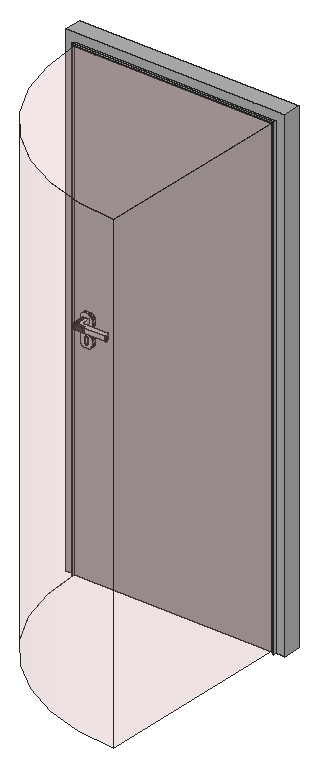
Revit family "ASSA ABLOY - ALPE PLUS SLIM, single-leaf, hidden frame, HIDDEN HINGES", category Doors, host Wall, Revit 2021
Family settings
  Host = Wall
  OmniClass Number = 23.30.10.00
  OmniClass Title = Doors
  Always vertical = Yes
  Cut with Voids When Loaded = No
  Shared = No
  Room Calculation Point = No
Parameters (values of type "800 x 2100 (802 x 2108)")
  URL = "https://www.assaabloy.com/pl/pl"
  Type Comments = "Door leaf made of two pressed galvanised steel sheets 1,25mm thick, reinforced with steel profile. Filled with mineral wool glued to the sheets with polyurethane adhesive. Non-rebated door."
  Symbol Radius = Door Leaf Width + 0.500 mm  # 882.500 mm
  Rough Width Real = Width Round + Rough Width Conversion + Rough Width Adjustment  # 998.000 mm
  Rough Width Conversion = 198.000 mm  # constant formula
  Rough Width Adjustment = 0.000 mm  # constant formula
  Rough Height Real = Height Round + Rough Height Conversion + Rough Height Adjustment  # 2182.000 mm
  Rough Height Conversion = 82.000 mm  # constant formula
  Rough Height Adjustment = 0.000 mm  # constant formula
  Recess Value [instance] = 12.000 mm
  Opening Zone [instance] = yes
  Model = "Doorset_Steel non-rebated door with concealed frame and hinges/ Wireless access control_ASSA ABLOY Opening Solutions_Hardware 3D"
  Handle Height = if(Height < 1300.000 mm, Height - 280.000 mm, 1055.000 mm)  # 1055.000 mm
  HW Item 8 = "1x Incedo: Access Control Set, incl. HUB AHxx_ASSA ABLOY (option)"
  Frame Finish [instance] = ""
  Fire Rating NFR (0) = [Fire Rating - Set Value (0-2)] = 0  # yes
  Fire Rating EI60 (2) = [Fire Rating - Set Value (0-2)] = 2  # no
  Fire Rating EI30 (1) = [Fire Rating - Set Value (0-2)] = 1  # no
  Fire Rating - Set Value (0-2) = 0
  Fire Rating = if([Fire Rating NFR (0)], "NFR", if([Fire Rating EI30 (1)], "EI30", if([Fire Rating EI60 (2)], "EI60", "0")))  # "NFR"
  Width Round = roundup((Width / 5.000 mm)) * 5.000 mm  # 800.000 mm
  Thickness = 60.000 mm  # constant formula
  Smoke Rating = "Sa, S200 (optional)"
  Rough Width = Width Round + 2.000 mm + Rough Width Conversion + Rough Width Adjustment  # 1000.000 mm
  Rough Height = Height Round + 8.000 mm + Rough Height Conversion + Rough Height Adjustment  # 2190.000 mm
  Readme = "The actual lintel height is consistent with the Rough Height parameter.\nThe final HW Set should be consistent with the function of the door and its  parameters.\nHardware mounted on door surface may affect the clear passage opening. For verification, please contact the specification department."
  Provider = "ASSA ABLOY Opening Solutions"
  Product Group = "Single-Steel-Non rebated-Access Control"
  Name = "Steel non-rebated door with concealed frame and hinges/ Wireless access control"
  Min Door Width = 520.000 mm
  Min Door Height = 1640.000 mm
  Mechanical Strength = 4
  Max Door Width = 1160.000 mm
  Max Door Height = 2400.000 mm
  Manufacturer = "ASSA ABLOY"  # constant formula
  IfcExportType = "USERDEFINED"
  IfcExportAs = "IfcDoorType"
  Height Round = roundup((Height / 5.000 mm)) * 5.000 mm  # 2100.000 mm
  Hardware Set = "1.21PL"
  HW Item 7 = "1x 206253: Vercy door stopper, max 120 kg_ASSA ABLOY (option) "
  HW Item 6 = "1x SK6 Radius: euro profile cylinder_IKON"
  HW Item 5 = "1x AP-AH100-121: rosette PZPZ_ASSA ABLOY"
  HW Item 4 = "1x H100: WIRELESS, built-in RFID reader and Bluetooth module integrated with handle_ASSA ABLOY"
  HW Item 3 = "1x EL160: mechanical mortice lockcase with automatic dead locking system_ABLOY"
  HW Item 2 = "1x DC892: concealed door closer guide rail_ASSA ABLOY"
  HW Item 1 = "1x DC860/ DC840: concealed door closer, Cam-Motion®_ASSA ABLOY"
  Function = Interior
  Height = 2100.000 mm
  Wall Closure = By host
  Width = 800.000 mm
  Frame Type = "Welded steel concealed SLIM frame, made of galvanised sheet 1,8mm thick."
  Frame Material = Default steel
  Family name = "1.21_DOORSET_ALPE PLUS Sp 60-1 SLIM_SINGLE-LEAF_CONCEALED FRAME_ASSA ABLOY PL"
  Environmental Product Declaration (EPD) = "To be confirmed with Provider"  # constant formula
  Environmental Management System = "To be confirmed with Provider"  # constant formula
  Edition number = "1"
  Door Type = "ALPE PLUS Sp 60-1 SLIM"
  Door Material = Default steel
  Door Leaf Width = Width Round + 82.000 mm + Rough Width Adjustment  # 882.000 mm
  Door Finish Push Side [instance] = ""
  Door Finish Pull Side [instance] = ""
  Description = "ALPE PLUS Sp 60-1 SLIM, door leaf made of two pressed galvanised steel sheets 1,25mm thick, reinforced with steel profile. Filled with mineral wool glued to the sheets with polyurethane adhesive. Non-rebated door. Stainless steel concealed hinges TECTUS TE541 3D FVZ with 3D regulation. Mechanical durability – class C3 according to PN-EN 16034:2014. Mechanical strength – class 4 according to PN-EN 1192:2001. Welded steel concealed SLIM frame, made of galvanised sheet 1,8mm thick."
  Date of publishing = ""
  Contact Provider = "https://www.assaabloy.com/pl/pl/solutions/topics/bim-specification/contact"
  Brand = "ASSA ABLOY Mercor Doors Sp. z o. o."  # constant formula
  Author = "www.archispace.pl"
Reference planes
  plane 1: y = 0
  plane 2 "Center (Left/Right)": x = 0
  plane 3: z = 2190
  plane 4 "Exterior": y = 53
  plane 5 "Interior": y = -53
  plane 6: x = -499
  plane 7: x = 499
  plane 8: z = 2100
  plane 9: x = -440
  plane 10: x = 442
  plane 11: z = 2125
  plane 12: z = 8
  plane 13: x = 442.5
  plane 14: x = -500
  plane 15: x = 500
  plane 16: x = -417.6
  plane 17: x = 417
  plane 18: z = 2182
  plane 19: y = -41
  plane 20: x = -452
  plane 21: x = -423
  plane 22: x = 452
  plane 23: x = 423
  plane 24: z = 2135
  plane 25: z = 2106
  plane 26: y = 39
  plane 27: y = -39
  plane 28: y = -53.5
  plane 29: y = 12
  plane 30: y = 23.5
  plane 31: y = 53.5
  plane 32: y = -52
  plane 33: y = 41
  plane 34: x = -375
  plane 35: z = 1055
Forms (mm)
  Sweep 1, solid, material "Default steel" <- "Frame Material"
    path origin (-489, -41, 1200) x (1, 0, 0) y (0, 0, 1)
      loop
        line (-10, -1200) -> (-10, 982) -> (988, 982) -> (988, -1200)
    profile origin (-499, -41, 1091) x (-1, 0, 0) y (0, -1, 0)
      loop
        line (-10, -80) -> (-10, -2) -> (-47.5, -2) -> (-47.5, 12.5) -> (-52, 12.5) -> (-52, -53) -> (-61.5, -53) -> (-61.5, -64.5) -> (-76.5, -64.5) -> (-76.5, -53) -> (-81.4, -53) -> (-81.4, -94.5) -> (-76.9, -94.5) -> (-76.9, -80) -> (-10, -80)
  Sweep 2, solid, material "Default steel" <- "Door Material"
    path origin (-489, -41, 1200) x (1, 0, 0) y (0, 0, 1)
      loop
        line (489, -1192) -> (489, 925)
    profile origin (0, -41, 1066.5) x (-1, 0, 0) y (0, -1, 0)
      loop
        line (440, -49.5) -> (440, 12.5) -> (-442, 12.5) -> (-442, -49.5) -> (440, -49.5)
  Sweep 3, solid, material "Opening zone", visible <- "Opening Zone"
    path origin (-5000, 0, 0) x (-1, 0, 0) y (0, 0, 1)
      loop
        line (-5000, 8) -> (-5000, 2125)
    profile origin (0, 0, 1066.5) x (1, 0, 0) y (0, 1, 0)
      loop
        line (442.5, -52) -> (-440, -52)
        arc (-440, -52) -> (-181.522, -676.022) -> (442.5, -934.5) r 882.5
        line (442.5, -934.5) -> (442.5, -52)
  Sweep 4, solid, material "Default steel" <- "Door Material"
    path origin (-489, -41, 1200) x (1, 0, 0) y (0, 0, 1)
      loop
        line (49, -1192) -> (49, 925) -> (931, 925) -> (931, -1192)
    profile origin (1, -41, 2125) x (0, 0, 1) y (0, -1, 0)
      loop
        line (-4, -8.25) -> (-14, -8.25) -> (-14, -28.75) -> (-4, -28.75) -> (-4, -8.25)
  Sweep 5, void
    path origin (-489, -41, 1200) x (1, 0, 0) y (0, 0, 1)
      loop
        line (49, -1192) -> (49, 925) -> (931, 925) -> (931, -1192)
    profile origin (1, -41, 2125) x (0, 0, 1) y (0, -1, 0)
      loop
        line (0, -8.25) -> (-14, -8.25) -> (-14, -28.75) -> (0, -28.75) -> (0, -8.25)
  Sweep 6, void
    path origin (-489, -41, 1200) x (1, 0, 0) y (0, 0, 1)
      loop
        line (489, -1200) -> (489, 990)
    profile origin (0, -41, 1095) x (-1, 0, 0) y (0, -1, 0)
      loop
        line (500, -82) -> (500, 0) -> (-500, 0) -> (-500, -82) -> (500, -82)
  Sweep 7, void
    path origin (-489, -30, 1200) x (1, 0, 0) y (0, 0, 1)
      loop
        line (489, -1200) -> (489, 906)
    profile origin (0, -30, 1053) x (-1, 0, 0) y (0, -1, 0)
      loop
        line (423, -83) -> (423, -71) -> (-423, -71) -> (-423, -83) -> (423, -83)
  Sweep 8, void
    path origin (-489, -50, 1200) x (1, 0, 0) y (0, 0, 1)
      loop
        line (489, -1200) -> (489, 935)
    profile origin (0, -50, 1067.5) x (-1, 0, 0) y (0, -1, 0)
      loop
        line (452, -9) -> (452, 3) -> (-452, 3) -> (-452, -9) -> (452, -9)
Cuts and joins
  Sweep 5 cuts Sweep 2
Lines and regions (mm)
  Masking region 1, detail levels fine
    outline origin (-1177.682, -302.4, 2052) x (-1, 0, 0) y (0, -1, 0)
      loop
        line (-688.682, -341.4) -> (-688.682, -263.4) -> (-726.182, -263.4) -> (-726.182, -248.9) -> (-730.682, -248.9) -> (-730.682, -314.4) -> (-740.182, -314.4) -> (-740.182, -325.9) -> (-755.182, -325.9) -> (-755.182, -314.4) -> (-760.082, -314.4) -> (-760.082, -355.9) -> (-755.582, -355.9) -> (-755.582, -341.4) -> (-688.682, -341.4)
      loop
        line (-1666.682, -341.4) -> (-1599.782, -341.4) -> (-1599.782, -355.9) -> (-1595.282, -355.9) -> (-1595.282, -314.4) -> (-1600.182, -314.4) -> (-1600.182, -325.9) -> (-1615.182, -325.9) -> (-1615.182, -314.4) -> (-1624.682, -314.4) -> (-1624.682, -248.9) -> (-1629.182, -248.9) -> (-1629.182, -263.4) -> (-1666.682, -263.4) -> (-1666.682, -341.4)
  Masking region 2, detail levels medium
    outline origin (-1132.682, -300, 2052) x (-1, 0, 0) y (0, -1, 0)
      loop
        line (-643.682, -339) -> (-643.682, -261) -> (-681.182, -261) -> (-681.182, -246.5) -> (-715.082, -246.5) -> (-715.082, -353.5) -> (-710.582, -353.5) -> (-710.582, -339) -> (-643.682, -339)
      loop
        line (-1621.682, -339) -> (-1554.782, -339) -> (-1554.782, -353.5) -> (-1550.282, -353.5) -> (-1550.282, -246.5) -> (-1584.182, -246.5) -> (-1584.182, -261) -> (-1621.682, -261) -> (-1621.682, -339)
  symbolic lines, style "Elevation Swing"
    curve 1: line (-417.6, -53, 1095) -> (417, -53, 2100)
    curve 2: line (-417.6, -53, 1095) -> (417, -53, 8)
Text (mm)
  text "Exterior" at (-1376.75, 1099.543, 0), in view "Ref. Level"
  text "Exterior" at (0, 1615.38, 3698.081), in view "Left"
  text "Exterior" at (0, 1036.032, 3874.932), in view "Right"
Dimensions and locks
  "Rough Height": plane 3 to host wall
  equal spacing: host wall, curve 2, plane 3
  host wall to plane 3 = 2190.000 mm
  locked: plane 4 "Exterior" to host wall
  locked: plane 5 "Interior" to host wall
  equal spacing: plane 6, plane 2 "Center (Left/Right)", plane 7
  "Rough Width Real": plane 6 to plane 7
  "Height": plane 8 to level
  locked: plane 10 to plane 7 at 57
  locked: plane 12 to level at 8
  equal spacing: plane 15, plane 2 "Center (Left/Right)", plane 14
  "Rough Width": plane 15 to plane 14
  locked: plane 6 to plane 9 at 59
  locked: plane 6 to plane 16 at 81.4
  locked: plane 17 to plane 7 at 82
  "Rough Height Real": plane 18 to level
  plane 18 to plane 11 = 57.000 mm
  locked: plane 13 to plane 7 at 56.5
  "Recess Value": plane 5 "Interior" to plane 19
  locked: plane 11 to Sweep 5 sketch curve at 14
  locked: plane 6 to plane 20 at 47
  locked: plane 6 to plane 21 at 76
  locked: plane 22 to plane 7 at 47
  locked: plane 23 to plane 7 at 76
  locked: plane 18 to plane 24 at 47
  locked: plane 18 to plane 25 at 76
  locked: plane 26 to plane 27 at 78
  locked: plane 6 to Masking region 1 sketch curve at 10
  locked: plane 6 to Masking region 1 sketch curve at 47.5
  locked: plane 6 to Masking region 1 sketch curve at 52
  locked: plane 6 to Masking region 1 sketch curve at 61.5
  locked: plane 6 to Masking region 1 sketch curve at 76.5
  locked: plane 6 to Masking region 1 sketch curve at 81.4
  locked: plane 6 to Masking region 1 sketch curve at 76.9
  locked: Masking region 1 sketch curve to plane 7 at 10
  locked: Masking region 1 sketch curve to plane 7 at 47.5
  locked: Masking region 1 sketch curve to plane 7 at 52
  locked: Masking region 1 sketch curve to plane 7 at 61.5
  locked: Masking region 1 sketch curve to plane 7 at 76.5
  locked: Masking region 1 sketch curve to plane 7 at 81.4
  locked: Masking region 1 sketch curve to plane 7 at 76.9
  locked: plane 6 to Masking region 2 sketch curve at 10
  locked: plane 6 to Masking region 2 sketch curve at 47.5
  locked: plane 6 to Masking region 2 sketch curve at 76.9
  locked: plane 6 to Masking region 2 sketch curve at 81.4
  locked: Masking region 2 sketch curve to plane 7 at 10
  locked: Masking region 2 sketch curve to plane 7 at 47.5
  locked: Masking region 2 sketch curve to plane 7 at 81.4
  locked: Masking region 2 sketch curve to plane 7 at 76.9
  locked: plane 6 to Sweep 1 sketch curve at 10
  locked: plane 6 to Sweep 1 sketch curve at 47.5
  locked: plane 6 to Sweep 1 sketch curve at 52
  locked: plane 6 to Sweep 1 sketch curve at 61.5
  locked: plane 6 to Sweep 1 sketch curve at 76.5
  locked: plane 6 to Sweep 1 sketch curve at 81.4
  locked: plane 6 to Sweep 1 sketch curve at 76.9
  locked: plane 32 to plane 19 at 11
  locked: plane 26 to plane 31 at 14.5
  locked: plane 27 to plane 28 at 14.5
  locked: plane 30 to plane 29 at 11.5
  locked: plane 26 to plane 33 at 2
  locked: plane 27 to plane 19 at 2
  locked: plane 29 to plane 27 at 51
  locked: plane 9 to plane 34 at 65
  "Handle Height": plane 35 to level
  "Symbol Radius": radius of Sweep 3 sketch curve
  aligned and locked: plane 1 to host wall
  aligned and locked: level to Sweep 1 sketch curve  (x2)
  aligned and locked: Sweep 1 sketch curve to plane 6
  aligned and locked: plane 7 to Sweep 1 sketch curve
  aligned and locked: plane 2 "Center (Left/Right)" to Sweep 2 sketch curve
  aligned and locked: nested 1 to plane 2 "Center (Left/Right)"
  aligned and locked: plane 2 "Center (Left/Right)" to Sweep 3 sketch curve
  aligned and locked: plane 11 to Sweep 2 sketch curve
  aligned and locked: plane 10 to Sweep 2 sketch curve
  aligned and locked: plane 9 to Sweep 2 sketch curve
  aligned and locked: Sweep 3 sketch curve to plane 13
  aligned and locked: Sweep 1 sketch curve to plane 18
  aligned and locked: plane 12 to Sweep 2 sketch curve
  aligned and locked: plane 19 to nested 1
  aligned and locked: Sweep 4 sketch curve to plane 11
  aligned and locked: Sweep 4 sketch curve to plane 9
  aligned and locked: plane 10 to Sweep 4 sketch curve
  aligned and locked: plane 12 to Sweep 4 sketch curve  (x2)
  aligned and locked: Sweep 5 sketch curve to plane 11
  aligned and locked: plane 3 to Sweep 6 sketch curve
  aligned and locked: level to Sweep 6 sketch curve
  aligned and locked: plane 2 "Center (Left/Right)" to Sweep 6 sketch curve
  aligned and locked: plane 14 to Sweep 6 sketch curve
  aligned and locked: Sweep 6 sketch curve to plane 19
  aligned and locked: Sweep 6 sketch curve to plane 15
  aligned and locked: Masking region 1 sketch curve to plane 26
  aligned and locked: plane 31 to Masking region 1 sketch curve
  aligned and locked: plane 30 to Masking region 1 sketch curve
  aligned and locked: Masking region 1 sketch curve to plane 29  (x2)
  aligned and locked: plane 28 to Masking region 1 sketch curve
  aligned and locked: Masking region 1 sketch curve to plane 27
  aligned and locked: Masking region 1 sketch curve to plane 31
  aligned and locked: plane 26 to Masking region 1 sketch curve
  aligned and locked: Masking region 1 sketch curve to plane 30
  aligned and locked: plane 29 to Masking region 1 sketch curve  (x2)
  aligned and locked: plane 27 to Masking region 1 sketch curve
  aligned and locked: Masking region 1 sketch curve to plane 28
  aligned and locked: level to Sweep 7 sketch curve
  aligned and locked: plane 25 to Sweep 7 sketch curve
  aligned and locked: plane 4 "Exterior" to Sweep 7 sketch curve
  aligned and locked: plane 21 to Sweep 7 sketch curve
  aligned and locked: plane 23 to Sweep 7 sketch curve
  aligned and locked: level to Sweep 8 sketch curve
  aligned and locked: plane 2 "Center (Left/Right)" to Sweep 8 sketch curve
  aligned and locked: plane 24 to Sweep 8 sketch curve
  aligned and locked: Sweep 8 sketch curve to plane 5 "Interior"
  aligned and locked: plane 19 to Sweep 8 sketch curve
  aligned and locked: Sweep 8 sketch curve to plane 20
  aligned and locked: Sweep 8 sketch curve to plane 22
  aligned and locked: plane 31 to Masking region 2 sketch curve
  aligned and locked: Masking region 2 sketch curve to plane 26
  aligned and locked: Masking region 2 sketch curve to plane 27
  aligned and locked: plane 28 to Masking region 2 sketch curve
  aligned and locked: Masking region 2 sketch curve to plane 31
  aligned and locked: plane 26 to Masking region 2 sketch curve
  aligned and locked: Masking region 2 sketch curve to plane 28
  aligned and locked: plane 27 to Masking region 2 sketch curve
  aligned and locked: Sweep 1 sketch curve to plane 27
  aligned and locked: plane 28 to Sweep 1 sketch curve
  aligned and locked: Sweep 1 sketch curve to plane 29  (x2)
  aligned and locked: plane 30 to Sweep 1 sketch curve
  aligned and locked: Sweep 1 sketch curve to plane 26
  aligned and locked: plane 31 to Sweep 1 sketch curve
  aligned and locked: plane 32 to Sweep 3 sketch curve
  aligned and locked: Sweep 6 sketch curve to plane 33
  aligned and locked: plane 33 to Sweep 7 sketch curve
  aligned and locked: plane 11 to Sweep 3 sketch curve
  aligned and locked: plane 12 to Sweep 3 sketch curve
  aligned and locked: plane 12 to curve 2
  aligned and locked: plane 17 to curve 2
  aligned and locked: plane 16 to curve 2
  aligned and locked: plane 17 to curve 1
  aligned and locked: plane 8 to curve 1
  aligned and locked: nested 2 to plane 34
  aligned and locked: nested 2 to plane 28
  aligned and locked: plane 35 to nested 2
Automatic sketch dimensions
  Sweep 5 sketch curve to plane 9 = 0.000 mm
  plane 10 to Sweep 5 sketch curve = 0.000 mm
  Sweep 5 sketch curve to plane 12 = 0.000 mm  (x2)
  Sweep 5 sketch curve to plane 11 = 0.000 mm
  Sweep 5 sketch curve to plane 19 = 28.750 mm
  Sweep 5 sketch curve to plane 19 = 8.250 mm
  Sweep 7 sketch curve to plane 2 "Center (Left/Right)" = 0.000 mm
  Sweep 2 sketch curve to profile plane = 49.500 mm
  profile plane to Sweep 2 sketch curve = 12.500 mm
  profile plane to Sweep 4 sketch curve = 14.000 mm
  profile plane to Sweep 4 sketch curve = 4.000 mm
  Sweep 4 sketch curve to plane 19 = 28.750 mm
  Sweep 4 sketch curve to plane 19 = 8.250 mm
Nested families
  nested 1: "Detail_Door symbol" at (0, -41, 2052), type "Detail_Door symbol"
  nested 2: "Handle set_H100" at (-375, -53.5, 1055) x (-1, 0, 0) z (0, 0, 1), type "Handle set_H100", detail levels fine
    with Thickness 62.000 mm
Definition of nested family "Handle set_H100"
  Parameters (values of type "Handle set_H100")
    Thickness = 80.000 mm
    Default Elevation = 0.000 mm
  Reference planes
    plane 1 "Center (Front/Back)": y = 0
    plane 2: z = 0
    plane 3 "Center (Left/Right)": x = 0
    plane 4: z = 0
    plane 5: y = 80
    plane 6: y = -13.3
    plane 7: y = 93.8
    plane 8: x = -133
    plane 9: y = -73.3
    plane 10: y = 153.8
    plane 11: y = 0.7
    plane 12: y = 79.4
    plane 13: z = -80
  Forms (mm)
    Sweep 1, solid
      path origin (0, 0, 0) x (1, 0, 0) y (0, 1, 0)
        loop
          line (0, 0) -> (0, -13.3)
      profile origin (0, -6.65, 0) x (1, 0, 0) y (0, 0, 1)
        loop
          line (27.466, -6.586) -> (27.466, 6.03) -> (27.417, 7.196) -> (27.323, 8.427) -> (27.185, 9.654) -> (27.001, 10.875) -> (26.767, 12.088) -> (26.479, 13.289) -> (26.132, 14.473) -> (25.722, 15.637) -> (25.246, 16.775) -> (24.701, 17.883) -> (24.084, 18.952)
          arc (24.084, 18.952) -> (21.397, 22.334) -> (17.862, 24.815) r 15.078
          line (17.862, 24.815) -> (16.76, 25.372) -> (15.626, 25.859) -> (14.466, 26.28) -> (13.285, 26.639) -> (12.087, 26.94) -> (10.876, 27.184) -> (9.655, 27.372) -> (8.428, 27.506) -> (7.198, 27.591) -> (5.966, 27.637) -> (3.476, 27.667) -> (-3.462, 27.667) -> (-5.966, 27.637) -> (-7.198, 27.591) -> (-8.428, 27.506) -> (-9.655, 27.372) -> (-10.876, 27.184) -> (-12.087, 26.94) -> (-13.285, 26.639) -> (-14.466, 26.28) -> (-15.626, 25.859) -> (-16.76, 25.372) -> (-17.862, 24.815)
          arc (-17.862, 24.815) -> (-21.397, 22.334) -> (-24.084, 18.952) r 15.078
          line (-24.084, 18.952) -> (-24.701, 17.883) -> (-25.246, 16.775) -> (-25.722, 15.637) -> (-26.132, 14.473) -> (-26.479, 13.289) -> (-26.767, 12.088) -> (-27.001, 10.875) -> (-27.185, 9.654) -> (-27.323, 8.427) -> (-27.417, 7.196) -> (-27.466, 6.03) -> (-27.466, -6.586) -> (-27.417, -7.753) -> (-27.323, -8.983) -> (-27.185, -10.21) -> (-27.001, -11.432) -> (-26.767, -12.645) -> (-26.479, -13.845) -> (-26.132, -15.029) -> (-25.722, -16.193) -> (-25.246, -17.331) -> (-24.701, -18.439) -> (-24.084, -19.508)
          arc (-24.084, -19.508) -> (-21.397, -22.89) -> (-17.862, -25.371) r 15.078
          line (-17.862, -25.371) -> (-16.76, -25.928) -> (-15.626, -26.415) -> (-14.466, -26.836) -> (-13.285, -27.195) -> (-12.087, -27.496) -> (-10.876, -27.74) -> (-9.655, -27.928) -> (-8.428, -28.062) -> (-7.198, -28.147) -> (-5.966, -28.193) -> (-3.462, -28.223) -> (5.174, -28.223) -> (7.198, -28.147) -> (8.428, -28.062) -> (9.655, -27.928) -> (10.876, -27.74) -> (12.087, -27.496) -> (13.285, -27.195) -> (14.466, -26.836) -> (15.626, -26.415) -> (16.76, -25.928) -> (17.862, -25.371)
          arc (17.862, -25.371) -> (21.397, -22.89) -> (24.084, -19.508) r 15.078
          line (24.084, -19.508) -> (24.701, -18.439) -> (25.246, -17.331) -> (25.722, -16.193) -> (26.132, -15.029) -> (26.479, -13.845) -> (26.767, -12.645) -> (27.001, -11.432) -> (27.185, -10.21) -> (27.323, -8.983) -> (27.417, -7.753) -> (27.466, -6.586)
    Sweep 2, solid
      path origin (0, 70, 0) x (1, 0, 0) y (0, 1, 0)
        loop
          line (0, 10) -> (0, 23.8)
      profile origin (0, 86.9, 0) x (-1, 0, 0) y (0, 0, 1)
        loop
          line (-27.466, -6.586) -> (-27.417, -7.753) -> (-27.323, -8.983) -> (-27.185, -10.21) -> (-27.001, -11.432) -> (-26.767, -12.645) -> (-26.479, -13.845) -> (-26.132, -15.029) -> (-25.722, -16.193) -> (-25.246, -17.331) -> (-24.701, -18.439) -> (-24.084, -19.508)
          arc (-24.084, -19.508) -> (-21.397, -22.89) -> (-17.862, -25.371) r 15.078
          line (-17.862, -25.371) -> (-16.76, -25.928) -> (-15.626, -26.415) -> (-14.466, -26.836) -> (-13.285, -27.195) -> (-12.087, -27.496) -> (-10.876, -27.74) -> (-9.655, -27.928) -> (-8.428, -28.062) -> (-7.198, -28.147) -> (-5.174, -28.223) -> (3.462, -28.223) -> (5.966, -28.193) -> (7.198, -28.147) -> (8.428, -28.062) -> (9.655, -27.928) -> (10.876, -27.74) -> (12.087, -27.496) -> (13.285, -27.195) -> (14.466, -26.836) -> (15.626, -26.415) -> (16.76, -25.928) -> (17.862, -25.371)
          arc (17.862, -25.371) -> (21.397, -22.89) -> (24.084, -19.508) r 15.078
          line (24.084, -19.508) -> (24.701, -18.439) -> (25.246, -17.331) -> (25.722, -16.193) -> (26.132, -15.029) -> (26.479, -13.845) -> (26.767, -12.645) -> (27.001, -11.432) -> (27.185, -10.21) -> (27.323, -8.983) -> (27.417, -7.753) -> (27.466, -6.586) -> (27.466, 6.03) -> (27.417, 7.196) -> (27.323, 8.427) -> (27.185, 9.654) -> (27.001, 10.875) -> (26.767, 12.088) -> (26.479, 13.289) -> (26.132, 14.473) -> (25.722, 15.637) -> (25.246, 16.775) -> (24.701, 17.883) -> (24.084, 18.952)
          arc (24.084, 18.952) -> (21.397, 22.334) -> (17.862, 24.815) r 15.078
          line (17.862, 24.815) -> (16.76, 25.372) -> (15.626, 25.859) -> (14.466, 26.28) -> (13.285, 26.639) -> (12.087, 26.94) -> (10.876, 27.184) -> (9.655, 27.372) -> (8.428, 27.506) -> (7.198, 27.591) -> (5.966, 27.637) -> (3.462, 27.667) -> (-3.476, 27.667) -> (-5.966, 27.637) -> (-7.198, 27.591) -> (-8.428, 27.506) -> (-9.655, 27.372) -> (-10.876, 27.184) -> (-12.087, 26.94) -> (-13.285, 26.639) -> (-14.466, 26.28) -> (-15.626, 25.859) -> (-16.76, 25.372) -> (-17.862, 24.815)
          arc (-17.862, 24.815) -> (-21.397, 22.334) -> (-24.084, 18.952) r 15.078
          line (-24.084, 18.952) -> (-24.701, 17.883) -> (-25.246, 16.775) -> (-25.722, 15.637) -> (-26.132, 14.473) -> (-26.479, 13.289) -> (-26.767, 12.088) -> (-27.001, 10.875) -> (-27.185, 9.654) -> (-27.323, 8.427) -> (-27.417, 7.196) -> (-27.466, 6.03) -> (-27.466, -6.586)
    Sweep 3, solid
      path origin (0, 0, 0) x (1, 0, 0) y (0, 0, 1)
        loop
          line (0, 10) -> (0, -10)
      profile origin (0, 0, 0) x (0, -1, 0) y (1, 0, 0)
        loop
          arc (72.049, -136.535) -> (72.981, -136.462) -> (73.445, -135.652) r 1
          line (73.445, -135.652) -> (73.702, -128.226) -> (73.702, -34.056) -> (73.915, -33.293) -> (73.915, 8.237)
          arc (73.915, 8.237) -> (73.851, 8.639) -> (73.665, 9.002) r 1.3
          line (73.665, 9.002) -> (72.31, 10.862)
          arc (72.31, 10.862) -> (71.962, 11.109) -> (71.563, 11.259) r 1.649
          arc (71.563, 11.259) -> (67.821, 12.148) -> (63.985, 12.42) r 23.708
          line (63.985, 12.42) -> (13.3, 14.563) -> (13.3, -12.542) -> (43.172, -12.542)
          arc (43.172, -12.542) -> (48.488, -14.744) -> (50.69, -20.06) r 7.518
          line (50.69, -20.06) -> (50.69, -120.391)
          arc (50.69, -120.391) -> (50.831, -121.859) -> (51.089, -123.312) r 18.437
          arc (51.089, -123.312) -> (52.615, -126.668) -> (55.382, -129.106) r 8.806
          arc (55.382, -129.106) -> (56.432, -129.684) -> (57.491, -130.245) r 74.303
          line (57.491, -130.245) -> (72.049, -136.535)
    Sweep 4, solid
      path origin (-184.672, 80, 1200) x (-1, 0, 0) y (0, 0, 1)
        loop
          line (-184.672, -1190) -> (-184.672, -1210)
      profile origin (0, 80, 0) x (0, 1, 0) y (-1, 0, 0)
        loop
          line (71.935, 136.018) -> (57.376, 129.727)
          arc (57.376, 129.727) -> (56.317, 129.166) -> (55.267, 128.588) r 74.303
          arc (55.267, 128.588) -> (52.501, 126.151) -> (50.975, 122.794) r 8.806
          arc (50.975, 122.794) -> (50.717, 121.342) -> (50.575, 119.873) r 18.437
          line (50.575, 119.873) -> (50.575, 19.542)
          arc (50.575, 19.542) -> (48.373, 14.226) -> (43.057, 12.024) r 7.518
          line (43.057, 12.024) -> (13.8, 12.024) -> (13.8, -15.055) -> (63.871, -12.938)
          arc (63.871, -12.938) -> (67.707, -12.666) -> (71.449, -11.776) r 23.708
          arc (71.449, -11.776) -> (71.848, -11.627) -> (72.195, -11.38) r 1.649
          line (72.195, -11.38) -> (73.588, -9.469) -> (73.588, 127.708) -> (73.331, 135.134)
          arc (73.331, 135.134) -> (72.866, 135.945) -> (71.935, 136.018) r 1
    Sweep 5, solid
      path origin (0, 0, -80) x (1, 0, 0) y (0, 1, 0)
        loop
          line (0, 0) -> (0, -13.3)
      profile origin (0, -6.65, -80) x (1, 0, 0) y (0, 0, 1)
        loop
          line (27.466, -6.586) -> (27.466, 6.03) -> (27.417, 7.196) -> (27.323, 8.427) -> (27.185, 9.654) -> (27.001, 10.875) -> (26.767, 12.088) -> (26.479, 13.289) -> (26.132, 14.473) -> (25.722, 15.637) -> (25.246, 16.775) -> (24.701, 17.883) -> (24.084, 18.952)
          arc (24.084, 18.952) -> (21.397, 22.334) -> (17.862, 24.815) r 15.078
          line (17.862, 24.815) -> (16.76, 25.372) -> (15.626, 25.859) -> (14.466, 26.28) -> (13.285, 26.639) -> (12.087, 26.94) -> (10.876, 27.184) -> (9.655, 27.372) -> (8.428, 27.506) -> (7.198, 27.591) -> (5.966, 27.637) -> (3.476, 27.667) -> (-3.462, 27.667) -> (-5.966, 27.637) -> (-7.198, 27.591) -> (-8.428, 27.506) -> (-9.655, 27.372) -> (-10.876, 27.184) -> (-12.087, 26.94) -> (-13.285, 26.639) -> (-14.466, 26.28) -> (-15.626, 25.859) -> (-16.76, 25.372) -> (-17.862, 24.815)
          arc (-17.862, 24.815) -> (-21.397, 22.334) -> (-24.084, 18.952) r 15.078
          line (-24.084, 18.952) -> (-24.701, 17.883) -> (-25.246, 16.775) -> (-25.722, 15.637) -> (-26.132, 14.473) -> (-26.479, 13.289) -> (-26.767, 12.088) -> (-27.001, 10.875) -> (-27.185, 9.654) -> (-27.323, 8.427) -> (-27.417, 7.196) -> (-27.466, 6.03) -> (-27.466, -6.586) -> (-27.417, -7.753) -> (-27.323, -8.983) -> (-27.185, -10.21) -> (-27.001, -11.432) -> (-26.767, -12.645) -> (-26.479, -13.845) -> (-26.132, -15.029) -> (-25.722, -16.193) -> (-25.246, -17.331) -> (-24.701, -18.439) -> (-24.084, -19.508)
          arc (-24.084, -19.508) -> (-21.397, -22.89) -> (-17.862, -25.371) r 15.078
          line (-17.862, -25.371) -> (-16.76, -25.928) -> (-15.626, -26.415) -> (-14.466, -26.836) -> (-13.285, -27.195) -> (-12.087, -27.496) -> (-10.876, -27.74) -> (-9.655, -27.928) -> (-8.428, -28.062) -> (-7.198, -28.147) -> (-5.966, -28.193) -> (-3.462, -28.223) -> (5.174, -28.223) -> (7.198, -28.147) -> (8.428, -28.062) -> (9.655, -27.928) -> (10.876, -27.74) -> (12.087, -27.496) -> (13.285, -27.195) -> (14.466, -26.836) -> (15.626, -26.415) -> (16.76, -25.928) -> (17.862, -25.371)
          arc (17.862, -25.371) -> (21.397, -22.89) -> (24.084, -19.508) r 15.078
          line (24.084, -19.508) -> (24.701, -18.439) -> (25.246, -17.331) -> (25.722, -16.193) -> (26.132, -15.029) -> (26.479, -13.845) -> (26.767, -12.645) -> (27.001, -11.432) -> (27.185, -10.21) -> (27.323, -8.983) -> (27.417, -7.753) -> (27.466, -6.586)
    Sweep 6, solid
      path origin (0, 70, -80) x (1, 0, 0) y (0, 1, 0)
        loop
          line (0, 10) -> (0, 23.8)
      profile origin (0, 86.9, -80) x (-1, 0, 0) y (0, 0, 1)
        loop
          line (-27.466, -6.586) -> (-27.417, -7.753) -> (-27.323, -8.983) -> (-27.185, -10.21) -> (-27.001, -11.432) -> (-26.767, -12.645) -> (-26.479, -13.845) -> (-26.132, -15.029) -> (-25.722, -16.193) -> (-25.246, -17.331) -> (-24.701, -18.439) -> (-24.084, -19.508)
          arc (-24.084, -19.508) -> (-21.397, -22.89) -> (-17.862, -25.371) r 15.078
          line (-17.862, -25.371) -> (-16.76, -25.928) -> (-15.626, -26.415) -> (-14.466, -26.836) -> (-13.285, -27.195) -> (-12.087, -27.496) -> (-10.876, -27.74) -> (-9.655, -27.928) -> (-8.428, -28.062) -> (-7.198, -28.147) -> (-5.174, -28.223) -> (3.462, -28.223) -> (5.966, -28.193) -> (7.198, -28.147) -> (8.428, -28.062) -> (9.655, -27.928) -> (10.876, -27.74) -> (12.087, -27.496) -> (13.285, -27.195) -> (14.466, -26.836) -> (15.626, -26.415) -> (16.76, -25.928) -> (17.862, -25.371)
          arc (17.862, -25.371) -> (21.397, -22.89) -> (24.084, -19.508) r 15.078
          line (24.084, -19.508) -> (24.701, -18.439) -> (25.246, -17.331) -> (25.722, -16.193) -> (26.132, -15.029) -> (26.479, -13.845) -> (26.767, -12.645) -> (27.001, -11.432) -> (27.185, -10.21) -> (27.323, -8.983) -> (27.417, -7.753) -> (27.466, -6.586) -> (27.466, 6.03) -> (27.417, 7.196) -> (27.323, 8.427) -> (27.185, 9.654) -> (27.001, 10.875) -> (26.767, 12.088) -> (26.479, 13.289) -> (26.132, 14.473) -> (25.722, 15.637) -> (25.246, 16.775) -> (24.701, 17.883) -> (24.084, 18.952)
          arc (24.084, 18.952) -> (21.397, 22.334) -> (17.862, 24.815) r 15.078
          line (17.862, 24.815) -> (16.76, 25.372) -> (15.626, 25.859) -> (14.466, 26.28) -> (13.285, 26.639) -> (12.087, 26.94) -> (10.876, 27.184) -> (9.655, 27.372) -> (8.428, 27.506) -> (7.198, 27.591) -> (5.966, 27.637) -> (3.462, 27.667) -> (-3.476, 27.667) -> (-5.966, 27.637) -> (-7.198, 27.591) -> (-8.428, 27.506) -> (-9.655, 27.372) -> (-10.876, 27.184) -> (-12.087, 26.94) -> (-13.285, 26.639) -> (-14.466, 26.28) -> (-15.626, 25.859) -> (-16.76, 25.372) -> (-17.862, 24.815)
          arc (-17.862, 24.815) -> (-21.397, 22.334) -> (-24.084, 18.952) r 15.078
          line (-24.084, 18.952) -> (-24.701, 17.883) -> (-25.246, 16.775) -> (-25.722, 15.637) -> (-26.132, 14.473) -> (-26.479, 13.289) -> (-26.767, 12.088) -> (-27.001, 10.875) -> (-27.185, 9.654) -> (-27.323, 8.427) -> (-27.417, 7.196) -> (-27.466, 6.03) -> (-27.466, -6.586)
    Sweep 7, void
      path origin (0, 0, -80) x (1, 0, 0) y (0, 1, 0)
        loop
          line (0, -13.3) -> (0, 93.8)
      profile origin (0, 40.25, -80) x (-1, 0, 0) y (0, 0, 1)
        loop
          arc (5.25, 1) -> (0, 16.75) -> (-5.25, 1) r 8.75
          line (-5.25, 1) -> (-5.25, -11.5)
          arc (-5.25, -11.5) -> (0, -16.75) -> (5.25, -11.5) r 5.25
          line (5.25, -11.5) -> (5.25, 1)
        loop
          arc (-4.75, -11.5) -> (0, -16.25) -> (4.75, -11.5) r 4.75
          line (4.75, -11.5) -> (4.75, 1.255)
          arc (4.75, 1.255) -> (0, 16.25) -> (-4.75, 1.255) r 8.25
          line (-4.75, 1.255) -> (-4.75, -11.5)
    Sweep 8, solid
      path origin (0, 0, 0) x (1, 0, 0) y (0, 0, 1)
        loop
          line (0, 10) -> (0, -10)
      profile origin (0, 0, 0) x (0, -1, 0) y (1, 0, 0)
        loop
          line (73.915, -33.293) -> (73.702, -34.056) -> (73.702, -34.856) -> (74.715, -34.856) -> (74.715, 8.237)
          arc (74.715, 8.237) -> (74.611, 8.887) -> (74.312, 9.473) r 2.1
          line (74.312, 9.473) -> (72.915, 11.389)
          arc (72.915, 11.389) -> (72.392, 11.786) -> (71.781, 12.029) r 2.449
          arc (71.781, 12.029) -> (67.938, 12.939) -> (63.998, 13.22) r 24.508
          line (63.998, 13.22) -> (13.3, 15.364) -> (13.3, 14.563) -> (63.985, 12.42)
          arc (63.985, 12.42) -> (67.821, 12.148) -> (71.563, 11.259) r 23.708
          arc (71.563, 11.259) -> (71.962, 11.109) -> (72.31, 10.862) r 1.649
          line (72.31, 10.862) -> (73.665, 9.002)
          arc (73.665, 9.002) -> (73.851, 8.639) -> (73.915, 8.237) r 1.3
          line (73.915, 8.237) -> (73.915, -33.293)
    Extrusion 9, solid
      sketch origin (0, 0, 0) x (1, 0, 0) y (0, 1, 0)
        loop
          line (-34.856, -74.715) -> (8.237, -74.715)
          arc (8.237, -74.715) -> (8.887, -74.611) -> (9.473, -74.312) r 2.1
          line (9.473, -74.312) -> (11.389, -72.915)
          arc (11.389, -72.915) -> (11.786, -72.392) -> (12.029, -71.781) r 2.449
          arc (12.029, -71.781) -> (12.939, -67.938) -> (13.22, -63.998) r 24.508
          line (13.22, -63.998) -> (15.364, -13.3) -> (4.554, -13.3) -> (2.414, -63.915) -> (-34.856, -63.915) -> (-34.856, -74.715)
      from 10 to 10.8
  Cuts and joins
    Sweep 7 cuts Sweep 5
    Sweep 7 cuts Sweep 6
  Dimensions and locks
    locked: plane 7 to plane 5 at 13.8
    locked: plane 6 to plane 9 at 60
    locked: plane 10 to plane 7 at 60
    locked: plane 5 to plane 12 at 0.6
    "Thickness": plane 5 to plane 1 "Center (Front/Back)"
    locked: plane 11 to plane 1 "Center (Front/Back)" at 0.7
    locked: plane 6 to plane 1 "Center (Front/Back)" at 13.3
    plane 13 to plane 4 = 80.000 mm
    aligned and locked: level to plane 2
    aligned and locked: plane 6 to Sweep 7 sketch curve
    aligned and locked: plane 7 to Sweep 7 sketch curve
  Automatic sketch dimensions
    Sweep 1 sketch curve to plane 3 "Center (Left/Right)" = 0.000 mm
    Sweep 1 sketch curve to plane 6 = 0.000 mm
    plane 1 "Center (Front/Back)" to Sweep 1 sketch curve = 0.000 mm
    level to Sweep 1 sketch curve = 6.030 mm
    profile plane to Sweep 1 sketch curve = 27.466 mm
    Sweep 1 sketch curve to level = 7.753 mm  (x2)
    Sweep 1 sketch curve to Sweep 1 sketch curve = 0.050 mm  (x3)
    level to Sweep 1 sketch curve = 7.196 mm  (x2)
    level to Sweep 1 sketch curve = 8.427 mm  (x2)
    Sweep 1 sketch curve to Sweep 1 sketch curve = 0.094 mm  (x4)
    Sweep 1 sketch curve to level = 8.983 mm  (x2)
    Sweep 1 sketch curve to level = 10.210 mm  (x2)
    Sweep 1 sketch curve to Sweep 1 sketch curve = 0.138 mm  (x4)
    level to Sweep 1 sketch curve = 9.654 mm  (x2)
    level to Sweep 1 sketch curve = 10.875 mm  (x2)
    Sweep 1 sketch curve to Sweep 1 sketch curve = 0.184 mm  (x4)
    Sweep 1 sketch curve to level = 11.432 mm  (x2)
    level to Sweep 1 sketch curve = 12.088 mm  (x2)
    Sweep 1 sketch curve to Sweep 1 sketch curve = 0.234 mm  (x4)
    Sweep 1 sketch curve to level = 12.645 mm  (x2)
    Sweep 1 sketch curve to Sweep 1 sketch curve = 0.288 mm  (x4)
    Sweep 1 sketch curve to Sweep 1 sketch curve = 0.347 mm  (x4)
    Sweep 1 sketch curve to Sweep 1 sketch curve = 0.410 mm  (x4)
    Sweep 1 sketch curve to Sweep 1 sketch curve = 0.476 mm  (x4)
    Sweep 1 sketch curve to Sweep 1 sketch curve = 0.545 mm  (x4)
    Sweep 1 sketch curve to Sweep 1 sketch curve = 0.616 mm  (x4)
    Sweep 1 sketch curve to Sweep 1 sketch curve = 6.222 mm  (x4)
    Sweep 1 sketch curve to Sweep 1 sketch curve = 1.102 mm  (x4)
    Sweep 1 sketch curve to Sweep 1 sketch curve = 1.134 mm  (x4)
    Sweep 1 sketch curve to Sweep 1 sketch curve = 1.160 mm  (x4)
    Sweep 1 sketch curve to Sweep 1 sketch curve = 1.181 mm  (x4)
    Sweep 1 sketch curve to Sweep 1 sketch curve = 1.198 mm  (x4)
    profile plane to Sweep 1 sketch curve = 11.057 mm  (x2)
    Sweep 1 sketch curve to Sweep 1 sketch curve = 1.211 mm  (x4)
    Sweep 1 sketch curve to Sweep 1 sketch curve = 1.221 mm  (x4)
    Sweep 1 sketch curve to Sweep 1 sketch curve = 1.227 mm  (x4)
    Sweep 1 sketch curve to Sweep 1 sketch curve = 1.230 mm  (x4)
    Sweep 1 sketch curve to Sweep 1 sketch curve = 1.232 mm  (x3)
    Sweep 1 sketch curve to Sweep 1 sketch curve = 2.504 mm  (x2)
    Sweep 1 sketch curve to profile plane = 3.476 mm
    Sweep 1 sketch curve to profile plane = 5.174 mm
    Sweep 1 sketch curve to Sweep 1 sketch curve = 2.490 mm
    Sweep 1 sketch curve to Sweep 1 sketch curve = 2.024 mm
    Sweep 1 sketch curve to profile plane = 11.057 mm  (x2)
    Sweep 1 sketch curve to level = 6.586 mm
    Sweep 1 sketch curve to Sweep 1 sketch curve = 1.201 mm  (x4)
    Sweep 1 sketch curve to Sweep 1 sketch curve = 1.184 mm  (x4)
    Sweep 1 sketch curve to Sweep 1 sketch curve = 1.164 mm  (x4)
    Sweep 1 sketch curve to Sweep 1 sketch curve = 1.138 mm  (x4)
    Sweep 1 sketch curve to Sweep 1 sketch curve = 1.107 mm  (x4)
    Sweep 1 sketch curve to Sweep 1 sketch curve = 1.069 mm  (x4)
    Sweep 1 sketch curve to Sweep 1 sketch curve = 5.863 mm  (x2)
    Sweep 1 sketch curve to Sweep 1 sketch curve = 0.557 mm  (x4)
    Sweep 1 sketch curve to Sweep 1 sketch curve = 0.487 mm  (x4)
    Sweep 1 sketch curve to Sweep 1 sketch curve = 0.421 mm  (x4)
    Sweep 1 sketch curve to Sweep 1 sketch curve = 0.359 mm  (x4)
    Sweep 1 sketch curve to Sweep 1 sketch curve = 0.301 mm  (x4)
    Sweep 1 sketch curve to Sweep 1 sketch curve = 0.244 mm  (x4)
    Sweep 1 sketch curve to Sweep 1 sketch curve = 0.188 mm  (x4)
    Sweep 1 sketch curve to Sweep 1 sketch curve = 0.134 mm  (x4)
    Sweep 1 sketch curve to Sweep 1 sketch curve = 0.084 mm  (x4)
    Sweep 1 sketch curve to Sweep 1 sketch curve = 0.046 mm  (x3)
    Sweep 1 sketch curve to Sweep 1 sketch curve = 0.076 mm
    Sweep 1 sketch curve to Sweep 1 sketch curve = 1.167 mm  (x2)
    level to Sweep 1 sketch curve = 11.360 mm  (x2)
    Sweep 1 sketch curve to Sweep 1 sketch curve = 0.030 mm  (x2)
    Sweep 2 sketch curve to plane 3 "Center (Left/Right)" = 0.000 mm
    Sweep 2 sketch curve to plane 5 = 0.000 mm
    Sweep 2 sketch curve to plane 7 = 0.000 mm
    Sweep 2 sketch curve to level = 6.586 mm
    profile plane to Sweep 2 sketch curve = 27.466 mm
    level to Sweep 2 sketch curve = 7.196 mm  (x2)
    Sweep 2 sketch curve to Sweep 2 sketch curve = 0.050 mm  (x3)
    Sweep 2 sketch curve to level = 7.753 mm  (x2)
    level to Sweep 2 sketch curve = 8.427 mm  (x2)
    Sweep 2 sketch curve to Sweep 2 sketch curve = 0.094 mm  (x4)
    Sweep 2 sketch curve to level = 8.983 mm  (x2)
    level to Sweep 2 sketch curve = 9.654 mm  (x2)
    Sweep 2 sketch curve to Sweep 2 sketch curve = 0.138 mm  (x4)
    Sweep 2 sketch curve to level = 10.210 mm  (x2)
    level to Sweep 2 sketch curve = 10.875 mm  (x2)
    Sweep 2 sketch curve to Sweep 2 sketch curve = 0.184 mm  (x4)
    Sweep 2 sketch curve to level = 11.432 mm  (x2)
    level to Sweep 2 sketch curve = 12.088 mm  (x2)
    Sweep 2 sketch curve to Sweep 2 sketch curve = 0.234 mm  (x4)
    Sweep 2 sketch curve to level = 12.645 mm  (x2)
    Sweep 2 sketch curve to Sweep 2 sketch curve = 0.288 mm  (x4)
    Sweep 2 sketch curve to Sweep 2 sketch curve = 0.347 mm  (x4)
    Sweep 2 sketch curve to Sweep 2 sketch curve = 0.410 mm  (x4)
    Sweep 2 sketch curve to Sweep 2 sketch curve = 0.476 mm  (x4)
    Sweep 2 sketch curve to Sweep 2 sketch curve = 0.545 mm  (x4)
    Sweep 2 sketch curve to Sweep 2 sketch curve = 0.616 mm  (x4)
    Sweep 2 sketch curve to Sweep 2 sketch curve = 6.222 mm  (x4)
    Sweep 2 sketch curve to Sweep 2 sketch curve = 1.102 mm  (x4)
    Sweep 2 sketch curve to Sweep 2 sketch curve = 1.134 mm  (x4)
    Sweep 2 sketch curve to Sweep 2 sketch curve = 1.160 mm  (x4)
    Sweep 2 sketch curve to Sweep 2 sketch curve = 1.181 mm  (x4)
    Sweep 2 sketch curve to Sweep 2 sketch curve = 1.198 mm  (x4)
    profile plane to Sweep 2 sketch curve = 11.057 mm  (x2)
    Sweep 2 sketch curve to Sweep 2 sketch curve = 1.211 mm  (x4)
    Sweep 2 sketch curve to Sweep 2 sketch curve = 1.221 mm  (x4)
    Sweep 2 sketch curve to Sweep 2 sketch curve = 1.227 mm  (x4)
    Sweep 2 sketch curve to Sweep 2 sketch curve = 1.230 mm  (x4)
    Sweep 2 sketch curve to Sweep 2 sketch curve = 1.232 mm  (x3)
    Sweep 2 sketch curve to Sweep 2 sketch curve = 2.024 mm
    Sweep 2 sketch curve to Sweep 2 sketch curve = 2.490 mm
    Sweep 2 sketch curve to profile plane = 3.462 mm  (x2)
    Sweep 2 sketch curve to Sweep 2 sketch curve = 2.504 mm  (x2)
    Sweep 2 sketch curve to profile plane = 11.057 mm  (x2)
    Sweep 2 sketch curve to Sweep 2 sketch curve = 1.201 mm  (x4)
    Sweep 2 sketch curve to Sweep 2 sketch curve = 1.184 mm  (x4)
    Sweep 2 sketch curve to Sweep 2 sketch curve = 1.164 mm  (x4)
    Sweep 2 sketch curve to Sweep 2 sketch curve = 1.138 mm  (x4)
    Sweep 2 sketch curve to Sweep 2 sketch curve = 1.107 mm  (x4)
    Sweep 2 sketch curve to Sweep 2 sketch curve = 1.069 mm  (x4)
    Sweep 2 sketch curve to Sweep 2 sketch curve = 5.863 mm  (x2)
    Sweep 2 sketch curve to Sweep 2 sketch curve = 0.557 mm  (x4)
    Sweep 2 sketch curve to Sweep 2 sketch curve = 0.487 mm  (x4)
    Sweep 2 sketch curve to Sweep 2 sketch curve = 0.421 mm  (x4)
    Sweep 2 sketch curve to Sweep 2 sketch curve = 0.359 mm  (x4)
    Sweep 2 sketch curve to Sweep 2 sketch curve = 0.301 mm  (x4)
    Sweep 2 sketch curve to Sweep 2 sketch curve = 0.244 mm  (x4)
    Sweep 2 sketch curve to Sweep 2 sketch curve = 0.188 mm  (x4)
    Sweep 2 sketch curve to Sweep 2 sketch curve = 0.134 mm  (x4)
    Sweep 2 sketch curve to Sweep 2 sketch curve = 0.084 mm  (x4)
    Sweep 2 sketch curve to Sweep 2 sketch curve = 0.046 mm  (x3)
    Sweep 2 sketch curve to Sweep 2 sketch curve = 0.076 mm
    Sweep 2 sketch curve to Sweep 2 sketch curve = 1.167 mm  (x3)
    level to Sweep 2 sketch curve = 11.360 mm  (x2)
    Sweep 2 sketch curve to Sweep 2 sketch curve = 0.030 mm  (x2)
    Sweep 3 sketch curve to plane 3 "Center (Left/Right)" = 0.000 mm
    Sweep 3 sketch curve to level = 10.000 mm
    level to Sweep 3 sketch curve = 10.000 mm
    plane 1 "Center (Front/Back)" to Sweep 3 sketch curve = 13.300 mm
    profile plane to Sweep 3 sketch curve = 12.542 mm
    Sweep 3 sketch curve to Sweep 3 sketch curve = 29.872 mm
    Sweep 3 sketch curve to Sweep 3 sketch curve = 7.518 mm
    Sweep 3 sketch curve to Sweep 3 sketch curve = 6.801 mm
    Sweep 3 sketch curve to Sweep 3 sketch curve = 9.001 mm
    Sweep 3 sketch curve to profile plane = 12.420 mm
    Sweep 3 sketch curve to Sweep 3 sketch curve = 20.813 mm
    Sweep 3 sketch curve to Sweep 3 sketch curve = 13.540 mm
    Sweep 3 sketch curve to Sweep 3 sketch curve = 9.407 mm
    Sweep 3 sketch curve to Sweep 3 sketch curve = 7.203 mm
    Sweep 3 sketch curve to Sweep 3 sketch curve = 14.559 mm
    Sweep 3 sketch curve to profile plane = 10.862 mm
    Sweep 3 sketch curve to Sweep 3 sketch curve = 1.121 mm
    Sweep 3 sketch curve to Sweep 3 sketch curve = 0.397 mm
    Sweep 3 sketch curve to Sweep 3 sketch curve = 1.426 mm
    Sweep 3 sketch curve to Sweep 3 sketch curve = 0.999 mm
    Sweep 3 sketch curve to profile plane = 9.002 mm
    Sweep 3 sketch curve to Sweep 3 sketch curve = 1.051 mm
    Sweep 3 sketch curve to Sweep 3 sketch curve = 0.257 mm
    Sweep 3 sketch curve to Sweep 3 sketch curve = 0.212 mm
    Sweep 3 sketch curve to Sweep 3 sketch curve = 18.037 mm
    Sweep 3 sketch curve to Sweep 3 sketch curve = 13.233 mm
    Sweep 3 sketch curve to Sweep 3 sketch curve = 0.763 mm
    Sweep 3 sketch curve to Sweep 3 sketch curve = 30.250 mm
    Sweep 3 sketch curve to Sweep 3 sketch curve = 55.058 mm
    Sweep 3 sketch curve to Sweep 3 sketch curve = 1.028 mm
    Sweep 3 sketch curve to Sweep 3 sketch curve = 1.035 mm
    Sweep 3 sketch curve to Sweep 3 sketch curve = 8.862 mm
    Sweep 3 sketch curve to Sweep 3 sketch curve = 8.819 mm
    Sweep 3 sketch curve to Sweep 3 sketch curve = 7.392 mm
    Sweep 3 sketch curve to Sweep 3 sketch curve = 0.035 mm
    profile plane to Sweep 3 sketch curve = 11.286 mm
    Sweep 3 sketch curve to Sweep 3 sketch curve = 1.209 mm
    Sweep 3 sketch curve to profile plane = 14.563 mm
    Sweep 3 sketch curve to Sweep 3 sketch curve = 0.000 mm
    Sweep 4 sketch curve to plane 3 "Center (Left/Right)" = 0.000 mm
    Sweep 4 sketch curve to level = 10.000 mm
    level to Sweep 4 sketch curve = 10.000 mm
    plane 5 to Sweep 4 sketch curve = 13.800 mm
    Sweep 4 sketch curve to profile plane = 19.542 mm
    Sweep 4 sketch curve to Sweep 4 sketch curve = 29.257 mm
    Sweep 4 sketch curve to Sweep 4 sketch curve = 7.518 mm
    Sweep 4 sketch curve to Sweep 4 sketch curve = 6.801 mm
    Sweep 4 sketch curve to Sweep 4 sketch curve = 9.001 mm
    profile plane to Sweep 4 sketch curve = 12.938 mm
    Sweep 4 sketch curve to Sweep 4 sketch curve = 13.540 mm
    Sweep 4 sketch curve to Sweep 4 sketch curve = 9.407 mm
    Sweep 4 sketch curve to Sweep 4 sketch curve = 7.203 mm
    Sweep 4 sketch curve to Sweep 4 sketch curve = 14.559 mm
    profile plane to Sweep 4 sketch curve = 11.380 mm
    Sweep 4 sketch curve to Sweep 4 sketch curve = 1.121 mm
    Sweep 4 sketch curve to Sweep 4 sketch curve = 0.397 mm
    Sweep 4 sketch curve to Sweep 4 sketch curve = 0.999 mm
    profile plane to Sweep 4 sketch curve = 9.469 mm
    Sweep 4 sketch curve to Sweep 4 sketch curve = 0.257 mm
    Sweep 4 sketch curve to Sweep 4 sketch curve = 18.037 mm
    profile plane to Sweep 4 sketch curve = 15.055 mm
    Sweep 4 sketch curve to Sweep 4 sketch curve = 1.209 mm
    Sweep 4 sketch curve to profile plane = 10.768 mm
    Sweep 4 sketch curve to Sweep 4 sketch curve = 55.058 mm
    Sweep 4 sketch curve to Sweep 4 sketch curve = 1.028 mm
    Sweep 4 sketch curve to Sweep 4 sketch curve = 1.035 mm
    Sweep 4 sketch curve to Sweep 4 sketch curve = 8.862 mm
    Sweep 4 sketch curve to Sweep 4 sketch curve = 8.819 mm
    Sweep 4 sketch curve to Sweep 4 sketch curve = 7.392 mm
    Sweep 4 sketch curve to Sweep 4 sketch curve = 0.035 mm
    Sweep 4 sketch curve to Sweep 4 sketch curve = 0.000 mm
    Sweep 5 sketch curve to plane 3 "Center (Left/Right)" = 0.000 mm
    Sweep 5 sketch curve to plane 6 = 0.000 mm
    plane 1 "Center (Front/Back)" to Sweep 5 sketch curve = 0.000 mm
    profile plane to Sweep 5 sketch curve = 6.030 mm
    profile plane to Sweep 5 sketch curve = 27.466 mm
    Sweep 5 sketch curve to profile plane = 7.753 mm  (x2)
    Sweep 5 sketch curve to Sweep 5 sketch curve = 0.050 mm  (x3)
    profile plane to Sweep 5 sketch curve = 7.196 mm  (x2)
    profile plane to Sweep 5 sketch curve = 8.427 mm  (x2)
    Sweep 5 sketch curve to Sweep 5 sketch curve = 0.094 mm  (x4)
    Sweep 5 sketch curve to profile plane = 8.983 mm  (x2)
    Sweep 5 sketch curve to profile plane = 10.210 mm  (x2)
    Sweep 5 sketch curve to Sweep 5 sketch curve = 0.138 mm  (x4)
    profile plane to Sweep 5 sketch curve = 9.654 mm  (x2)
    profile plane to Sweep 5 sketch curve = 10.875 mm  (x2)
    Sweep 5 sketch curve to Sweep 5 sketch curve = 0.184 mm  (x4)
    Sweep 5 sketch curve to profile plane = 11.432 mm  (x2)
    profile plane to Sweep 5 sketch curve = 12.088 mm  (x2)
    Sweep 5 sketch curve to Sweep 5 sketch curve = 0.234 mm  (x4)
    Sweep 5 sketch curve to profile plane = 12.645 mm  (x2)
    Sweep 5 sketch curve to Sweep 5 sketch curve = 0.288 mm  (x4)
    Sweep 5 sketch curve to Sweep 5 sketch curve = 0.347 mm  (x4)
    Sweep 5 sketch curve to Sweep 5 sketch curve = 0.410 mm  (x4)
    Sweep 5 sketch curve to Sweep 5 sketch curve = 0.476 mm  (x4)
    Sweep 5 sketch curve to Sweep 5 sketch curve = 0.545 mm  (x4)
    Sweep 5 sketch curve to Sweep 5 sketch curve = 0.616 mm  (x4)
    Sweep 5 sketch curve to Sweep 5 sketch curve = 6.222 mm  (x4)
    Sweep 5 sketch curve to Sweep 5 sketch curve = 1.102 mm  (x4)
    Sweep 5 sketch curve to Sweep 5 sketch curve = 1.134 mm  (x4)
    Sweep 5 sketch curve to Sweep 5 sketch curve = 1.160 mm  (x4)
    Sweep 5 sketch curve to Sweep 5 sketch curve = 1.181 mm  (x4)
    Sweep 5 sketch curve to Sweep 5 sketch curve = 1.198 mm  (x4)
    profile plane to Sweep 5 sketch curve = 11.057 mm  (x2)
    Sweep 5 sketch curve to Sweep 5 sketch curve = 1.211 mm  (x4)
    Sweep 5 sketch curve to Sweep 5 sketch curve = 1.221 mm  (x4)
    Sweep 5 sketch curve to Sweep 5 sketch curve = 1.227 mm  (x4)
    Sweep 5 sketch curve to Sweep 5 sketch curve = 1.230 mm  (x4)
    Sweep 5 sketch curve to Sweep 5 sketch curve = 1.232 mm  (x3)
    Sweep 5 sketch curve to Sweep 5 sketch curve = 2.504 mm  (x2)
    Sweep 5 sketch curve to profile plane = 3.476 mm
    Sweep 5 sketch curve to profile plane = 5.174 mm
    Sweep 5 sketch curve to Sweep 5 sketch curve = 2.490 mm
    Sweep 5 sketch curve to Sweep 5 sketch curve = 2.024 mm
    Sweep 5 sketch curve to profile plane = 11.057 mm  (x2)
    Sweep 5 sketch curve to profile plane = 6.586 mm
    Sweep 5 sketch curve to Sweep 5 sketch curve = 1.201 mm  (x4)
    Sweep 5 sketch curve to Sweep 5 sketch curve = 1.184 mm  (x4)
    Sweep 5 sketch curve to Sweep 5 sketch curve = 1.164 mm  (x4)
    Sweep 5 sketch curve to Sweep 5 sketch curve = 1.138 mm  (x4)
    Sweep 5 sketch curve to Sweep 5 sketch curve = 1.107 mm  (x4)
    Sweep 5 sketch curve to Sweep 5 sketch curve = 1.069 mm  (x4)
    Sweep 5 sketch curve to Sweep 5 sketch curve = 5.863 mm  (x2)
    Sweep 5 sketch curve to Sweep 5 sketch curve = 0.557 mm  (x4)
    Sweep 5 sketch curve to Sweep 5 sketch curve = 0.487 mm  (x4)
    Sweep 5 sketch curve to Sweep 5 sketch curve = 0.421 mm  (x4)
    Sweep 5 sketch curve to Sweep 5 sketch curve = 0.359 mm  (x4)
    Sweep 5 sketch curve to Sweep 5 sketch curve = 0.301 mm  (x4)
    Sweep 5 sketch curve to Sweep 5 sketch curve = 0.244 mm  (x4)
    Sweep 5 sketch curve to Sweep 5 sketch curve = 0.188 mm  (x4)
    Sweep 5 sketch curve to Sweep 5 sketch curve = 0.134 mm  (x4)
    Sweep 5 sketch curve to Sweep 5 sketch curve = 0.084 mm  (x4)
    Sweep 5 sketch curve to Sweep 5 sketch curve = 0.046 mm  (x3)
    Sweep 5 sketch curve to Sweep 5 sketch curve = 0.076 mm
    Sweep 5 sketch curve to Sweep 5 sketch curve = 1.167 mm  (x2)
    profile plane to Sweep 5 sketch curve = 11.360 mm  (x2)
    Sweep 5 sketch curve to Sweep 5 sketch curve = 0.030 mm  (x2)
    Sweep 6 sketch curve to plane 3 "Center (Left/Right)" = 0.000 mm
    Sweep 6 sketch curve to plane 5 = 0.000 mm
    Sweep 6 sketch curve to plane 7 = 0.000 mm
    Sweep 6 sketch curve to profile plane = 6.586 mm
    profile plane to Sweep 6 sketch curve = 27.466 mm
    profile plane to Sweep 6 sketch curve = 7.196 mm  (x2)
    Sweep 6 sketch curve to Sweep 6 sketch curve = 0.050 mm  (x3)
    Sweep 6 sketch curve to profile plane = 7.753 mm  (x2)
    profile plane to Sweep 6 sketch curve = 8.427 mm  (x2)
    Sweep 6 sketch curve to Sweep 6 sketch curve = 0.094 mm  (x4)
    Sweep 6 sketch curve to profile plane = 8.983 mm  (x2)
    profile plane to Sweep 6 sketch curve = 9.654 mm  (x2)
    Sweep 6 sketch curve to Sweep 6 sketch curve = 0.138 mm  (x4)
    Sweep 6 sketch curve to profile plane = 10.210 mm  (x2)
    profile plane to Sweep 6 sketch curve = 10.875 mm  (x2)
    Sweep 6 sketch curve to Sweep 6 sketch curve = 0.184 mm  (x4)
    Sweep 6 sketch curve to profile plane = 11.432 mm  (x2)
    profile plane to Sweep 6 sketch curve = 12.088 mm  (x2)
    Sweep 6 sketch curve to Sweep 6 sketch curve = 0.234 mm  (x4)
    Sweep 6 sketch curve to profile plane = 12.645 mm  (x2)
    Sweep 6 sketch curve to Sweep 6 sketch curve = 0.288 mm  (x4)
    Sweep 6 sketch curve to Sweep 6 sketch curve = 0.347 mm  (x4)
    Sweep 6 sketch curve to Sweep 6 sketch curve = 0.410 mm  (x4)
    Sweep 6 sketch curve to Sweep 6 sketch curve = 0.476 mm  (x4)
    Sweep 6 sketch curve to Sweep 6 sketch curve = 0.545 mm  (x4)
    Sweep 6 sketch curve to Sweep 6 sketch curve = 0.616 mm  (x4)
    Sweep 6 sketch curve to Sweep 6 sketch curve = 6.222 mm  (x4)
    Sweep 6 sketch curve to Sweep 6 sketch curve = 1.102 mm  (x4)
    Sweep 6 sketch curve to Sweep 6 sketch curve = 1.134 mm  (x4)
    Sweep 6 sketch curve to Sweep 6 sketch curve = 1.160 mm  (x4)
    Sweep 6 sketch curve to Sweep 6 sketch curve = 1.181 mm  (x4)
    Sweep 6 sketch curve to Sweep 6 sketch curve = 1.198 mm  (x4)
    profile plane to Sweep 6 sketch curve = 11.057 mm  (x2)
    Sweep 6 sketch curve to Sweep 6 sketch curve = 1.211 mm  (x4)
    Sweep 6 sketch curve to Sweep 6 sketch curve = 1.221 mm  (x4)
    Sweep 6 sketch curve to Sweep 6 sketch curve = 1.227 mm  (x4)
    Sweep 6 sketch curve to Sweep 6 sketch curve = 1.230 mm  (x4)
    Sweep 6 sketch curve to Sweep 6 sketch curve = 1.232 mm  (x3)
    Sweep 6 sketch curve to Sweep 6 sketch curve = 2.024 mm
    Sweep 6 sketch curve to Sweep 6 sketch curve = 2.490 mm
    Sweep 6 sketch curve to profile plane = 3.462 mm  (x2)
    Sweep 6 sketch curve to Sweep 6 sketch curve = 2.504 mm  (x2)
    Sweep 6 sketch curve to profile plane = 11.057 mm  (x2)
    Sweep 6 sketch curve to Sweep 6 sketch curve = 1.201 mm  (x4)
    Sweep 6 sketch curve to Sweep 6 sketch curve = 1.184 mm  (x4)
    Sweep 6 sketch curve to Sweep 6 sketch curve = 1.164 mm  (x4)
    Sweep 6 sketch curve to Sweep 6 sketch curve = 1.138 mm  (x4)
    Sweep 6 sketch curve to Sweep 6 sketch curve = 1.107 mm  (x4)
    Sweep 6 sketch curve to Sweep 6 sketch curve = 1.069 mm  (x4)
    Sweep 6 sketch curve to Sweep 6 sketch curve = 5.863 mm  (x2)
    Sweep 6 sketch curve to Sweep 6 sketch curve = 0.557 mm  (x4)
    Sweep 6 sketch curve to Sweep 6 sketch curve = 0.487 mm  (x4)
    Sweep 6 sketch curve to Sweep 6 sketch curve = 0.421 mm  (x4)
    Sweep 6 sketch curve to Sweep 6 sketch curve = 0.359 mm  (x4)
    Sweep 6 sketch curve to Sweep 6 sketch curve = 0.301 mm  (x4)
    Sweep 6 sketch curve to Sweep 6 sketch curve = 0.244 mm  (x4)
    Sweep 6 sketch curve to Sweep 6 sketch curve = 0.188 mm  (x4)
    Sweep 6 sketch curve to Sweep 6 sketch curve = 0.134 mm  (x4)
    Sweep 6 sketch curve to Sweep 6 sketch curve = 0.084 mm  (x4)
    Sweep 6 sketch curve to Sweep 6 sketch curve = 0.046 mm  (x3)
    Sweep 6 sketch curve to Sweep 6 sketch curve = 0.076 mm
    Sweep 6 sketch curve to Sweep 6 sketch curve = 1.167 mm  (x3)
    profile plane to Sweep 6 sketch curve = 11.360 mm  (x2)
    Sweep 6 sketch curve to Sweep 6 sketch curve = 0.030 mm  (x2)
    Sweep 7 sketch curve to plane 3 "Center (Left/Right)" = 0.000 mm
    Sweep 7 sketch curve to Sweep 7 sketch curve = 0.000 mm  (x4)
    Sweep 7 sketch curve to profile plane = 0.000 mm  (x2)
    profile plane to Sweep 7 sketch curve = 1.255 mm
    profile plane to Sweep 7 sketch curve = 4.750 mm
    Sweep 7 sketch curve to Sweep 7 sketch curve = 0.500 mm
    Sweep 7 sketch curve to Sweep 7 sketch curve = 0.255 mm
    Sweep 7 sketch curve to profile plane = 11.500 mm
    profile plane to Sweep 7 sketch curve = 8.000 mm
